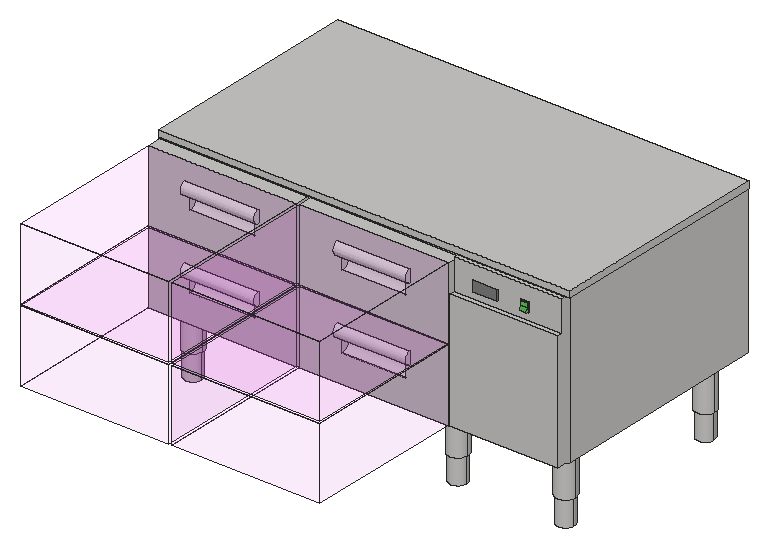
Revit family "QF_ZANUSSI_372295_Z7TTBECOMIN", category Specialty Equipment, Revit 2021 (continued)
Automatic sketch dimensions
  Split face 2 sketch curve to Extrusion 4 = 10 mm
  Split face 2 sketch curve to Split face 2 sketch curve = 11 mm
  Split face 3 sketch curve to Extrusion 4 = 7.047 mm
  Split face 3 sketch curve to Extrusion 4 = 2.047 mm
  Split face 3 sketch curve to Extrusion 4 = 23 mm
  Split face 3 sketch curve to Split face 3 sketch curve = 11 mm
  Split face 4 sketch curve to Extrusion 4 = 7.047 mm
  Split face 4 sketch curve to Extrusion 4 = 2.047 mm
  Split face 4 sketch curve to Extrusion 4 = 34 mm
  Split face 4 sketch curve to Split face 4 sketch curve = 11 mm
  Split face 5 sketch curve to Extrusion 4 = 7.047 mm
  Split face 5 sketch curve to Extrusion 4 = 2.047 mm
  Split face 5 sketch curve to Extrusion 4 = 21 mm
  Split face 5 sketch curve to Extrusion 4 = 10 mm
  Extrusion 5 sketch curve to Extrusion 5 sketch curve = 0 mm  (x3)
  Extrusion 5 sketch curve to Extrusion 3 = 0 mm
  Extrusion 3 to Extrusion 5 sketch curve = 2.279 mm
  Extrusion 5 sketch curve to Extrusion 5 sketch curve = 0.116 mm
  Extrusion 5 sketch curve to Extrusion 5 sketch curve = 12.105 mm
  Extrusion 3 to Extrusion 5 sketch curve = 3.692 mm
  Extrusion 3 to Extrusion 5 sketch curve = 2.395 mm
  Split face 6 sketch curve to Extrusion 2 = 30.5 mm
  Split face 6 sketch curve to Split face 6 sketch curve = 0.02 mm  (x2)
  Split face 6 sketch curve to Split face 6 sketch curve = 31.959 mm
  Split face 6 sketch curve to Extrusion 2 = 118.896 mm
  Split face 6 sketch curve to Split face 6 sketch curve = 4 mm
  Split face 7 sketch curve to Extrusion 2 = 30.5 mm
  Split face 7 sketch curve to Split face 7 sketch curve = 0.02 mm  (x2)
  Split face 7 sketch curve to Split face 7 sketch curve = 31.959 mm
  Split face 7 sketch curve to Extrusion 2 = 106.896 mm
  Split face 7 sketch curve to Split face 7 sketch curve = 4 mm
  Split face 8 sketch curve to Extrusion 2 = 30.5 mm
  Split face 8 sketch curve to Split face 8 sketch curve = 0.02 mm  (x2)
  Split face 8 sketch curve to Split face 8 sketch curve = 31.959 mm
  Split face 8 sketch curve to Extrusion 2 = 94.897 mm
  Split face 8 sketch curve to Split face 8 sketch curve = 4 mm
  Split face 9 sketch curve to Extrusion 2 = 30.5 mm
  Split face 9 sketch curve to Split face 9 sketch curve = 0.02 mm  (x2)
  Split face 9 sketch curve to Split face 9 sketch curve = 31.959 mm
  Split face 9 sketch curve to Extrusion 2 = 82.999 mm
  Split face 9 sketch curve to Split face 9 sketch curve = 4 mm
  Split face 10 sketch curve to Extrusion 2 = 30.5 mm
  Split face 10 sketch curve to Split face 10 sketch curve = 0.02 mm  (x2)
  Split face 10 sketch curve to Split face 10 sketch curve = 31.959 mm
  Split face 10 sketch curve to Extrusion 2 = 71 mm
  Split face 10 sketch curve to Split face 10 sketch curve = 4 mm
  Split face 11 sketch curve to Extrusion 2 = 30.5 mm
  Split face 11 sketch curve to Split face 11 sketch curve = 0.02 mm  (x2)
  Split face 11 sketch curve to Split face 11 sketch curve = 31.959 mm
  Split face 11 sketch curve to Extrusion 2 = 59 mm
  Split face 11 sketch curve to Split face 11 sketch curve = 4 mm
  Split face 12 sketch curve to Extrusion 2 = 30.5 mm
  Split face 12 sketch curve to Split face 12 sketch curve = 0.02 mm  (x2)
  Split face 12 sketch curve to Split face 12 sketch curve = 31.959 mm
  Split face 12 sketch curve to Extrusion 2 = 47 mm
  Split face 12 sketch curve to Split face 12 sketch curve = 4 mm
  Split face 13 sketch curve to Extrusion 2 = 30.5 mm
  Split face 13 sketch curve to Split face 13 sketch curve = 0.02 mm  (x2)
  Split face 13 sketch curve to Split face 13 sketch curve = 31.959 mm
  Split face 13 sketch curve to Extrusion 2 = 35 mm
  Split face 13 sketch curve to Split face 13 sketch curve = 4 mm
  Split face 14 sketch curve to Extrusion 2 = 30.5 mm
  Split face 14 sketch curve to Split face 14 sketch curve = 0.02 mm  (x2)
  Split face 14 sketch curve to Split face 14 sketch curve = 31.959 mm
  Split face 14 sketch curve to Extrusion 2 = 23 mm
  Split face 14 sketch curve to Split face 14 sketch curve = 4 mm
  Split face 15 sketch curve to Extrusion 2 = 30.5 mm
  Split face 15 sketch curve to Split face 15 sketch curve = 0.02 mm  (x2)
  Split face 15 sketch curve to Split face 15 sketch curve = 31.959 mm
  Split face 15 sketch curve to Extrusion 2 = 130.896 mm
  Split face 15 sketch curve to Split face 15 sketch curve = 4 mm
  plane 10 to Extrusion 6 sketch curve = 15 mm
  Extrusion 7 sketch curve to plane 11 = 0 mm
  Extrusion 7 sketch curve to plane 6 "BACK" = 0 mm
  Extrusion 7 sketch curve to plane 14 "TOP" = 0 mm
  plane 14 "TOP" to Extrusion 7 sketch curve = 20 mm
  Extrusion 8 sketch curve to plane 7 "FRONT" = 0 mm  (x3)
  Extrusion 8 sketch curve to plane 14 "TOP" = 90.566 mm
  Extrusion 8 sketch curve to Extrusion 8 sketch curve = 8.275 mm
  Extrusion 9 sketch curve to plane 7 "FRONT" = 0 mm
  Extrusion 9 sketch curve to plane 7 "FRONT" = 2.777 mm
  plane 7 "FRONT" to Extrusion 9 sketch curve = 21.853 mm
  Extrusion 9 sketch curve to plane 11 = 4.5 mm
  plane 15 to Extrusion 9 sketch curve = 86.706 mm
  Extrusion 9 sketch curve to Extrusion 9 sketch curve = 18.821 mm
  Extrusion 10 sketch curve to plane 7 "FRONT" = 0 mm  (x3)
  Extrusion 10 sketch curve to plane 14 "TOP" = 90.566 mm
  Extrusion 10 sketch curve to Extrusion 10 sketch curve = 8.275 mm
  Extrusion 11 sketch curve to plane 7 "FRONT" = 0 mm
  Extrusion 11 sketch curve to plane 7 "FRONT" = 2.777 mm
  plane 7 "FRONT" to Extrusion 11 sketch curve = 21.853 mm
  Extrusion 11 sketch curve to plane 11 = 4.5 mm
  plane 15 to Extrusion 11 sketch curve = 86.706 mm
  Extrusion 11 sketch curve to Extrusion 11 sketch curve = 18.821 mm
  Split face 16 sketch curve to Extrusion 2 = 30.5 mm
  Split face 16 sketch curve to Split face 16 sketch curve = 0.02 mm  (x2)
  Split face 16 sketch curve to Split face 16 sketch curve = 31.959 mm
  Split face 16 sketch curve to Extrusion 2 = 118.208 mm
  Split face 16 sketch curve to Split face 16 sketch curve = 4 mm
  Split face 17 sketch curve to Extrusion 2 = 30.5 mm
  Split face 17 sketch curve to Split face 17 sketch curve = 0.02 mm  (x2)
  Split face 17 sketch curve to Split face 17 sketch curve = 31.959 mm
  Split face 17 sketch curve to Extrusion 2 = 130.208 mm
  Split face 17 sketch curve to Split face 17 sketch curve = 4 mm
  Split face 18 sketch curve to Extrusion 2 = 30.5 mm
  Split face 18 sketch curve to Split face 18 sketch curve = 0.02 mm  (x2)
  Split face 18 sketch curve to Split face 18 sketch curve = 31.959 mm
  Split face 18 sketch curve to Extrusion 2 = 142.208 mm
  Split face 18 sketch curve to Split face 18 sketch curve = 4 mm
  Split face 19 sketch curve to Extrusion 2 = 30.5 mm
  Split face 19 sketch curve to Split face 19 sketch curve = 0.02 mm  (x2)
  Split face 19 sketch curve to Split face 19 sketch curve = 31.959 mm
  Split face 19 sketch curve to Extrusion 2 = 154.896 mm
  Split face 19 sketch curve to Split face 19 sketch curve = 4 mm
  Split face 20 sketch curve to Extrusion 2 = 30.5 mm
  Split face 20 sketch curve to Split face 20 sketch curve = 0.02 mm  (x2)
  Split face 20 sketch curve to Split face 20 sketch curve = 31.959 mm
  Split face 20 sketch curve to Extrusion 2 = 142.896 mm
  Split face 20 sketch curve to Split face 20 sketch curve = 4 mm
  Split face 21 sketch curve to Extrusion 2 = 30.5 mm
  Split face 21 sketch curve to Split face 21 sketch curve = 0.02 mm  (x2)
  Split face 21 sketch curve to Split face 21 sketch curve = 31.959 mm
  Split face 21 sketch curve to Extrusion 2 = 106.208 mm
  Split face 21 sketch curve to Split face 21 sketch curve = 4 mm
  Split face 22 sketch curve to Extrusion 2 = 14.312 mm
  Split face 22 sketch curve to Extrusion 2 = 30.5 mm
  Split face 22 sketch curve to Split face 22 sketch curve = 0.02 mm  (x2)
  Split face 22 sketch curve to Extrusion 2 = 10.312 mm
  Split face 22 sketch curve to Split face 22 sketch curve = 31.959 mm
  Split face 23 sketch curve to Extrusion 2 = 30.5 mm
  Split face 23 sketch curve to Split face 23 sketch curve = 0.02 mm  (x2)
  Split face 23 sketch curve to Split face 23 sketch curve = 31.959 mm
  Split face 23 sketch curve to Extrusion 2 = 22.312 mm
  Split face 23 sketch curve to Split face 23 sketch curve = 4 mm
  Split face 24 sketch curve to Extrusion 2 = 30.5 mm
  Split face 24 sketch curve to Split face 24 sketch curve = 0.02 mm  (x2)
  Split face 24 sketch curve to Split face 24 sketch curve = 31.959 mm
  Split face 24 sketch curve to Extrusion 2 = 34.312 mm
  Split face 24 sketch curve to Split face 24 sketch curve = 4 mm
  Split face 25 sketch curve to Extrusion 2 = 30.5 mm
  Split face 25 sketch curve to Split face 25 sketch curve = 0.02 mm  (x2)
  Split face 25 sketch curve to Split face 25 sketch curve = 31.959 mm
  Split face 25 sketch curve to Extrusion 2 = 46.209 mm
  Split face 25 sketch curve to Split face 25 sketch curve = 4 mm
  Split face 26 sketch curve to Extrusion 2 = 30.5 mm
  Split face 26 sketch curve to Split face 26 sketch curve = 0.02 mm  (x2)
  Split face 26 sketch curve to Split face 26 sketch curve = 31.959 mm
  Split face 26 sketch curve to Extrusion 2 = 58.208 mm
  Split face 26 sketch curve to Split face 26 sketch curve = 4 mm
  Split face 27 sketch curve to Extrusion 2 = 30.5 mm
  Split face 27 sketch curve to Split face 27 sketch curve = 0.02 mm  (x2)
  Split face 27 sketch curve to Split face 27 sketch curve = 31.959 mm
  Split face 27 sketch curve to Extrusion 2 = 70.208 mm
  Split face 27 sketch curve to Split face 27 sketch curve = 4 mm
  Split face 28 sketch curve to Extrusion 2 = 30.5 mm
  Split face 28 sketch curve to Split face 28 sketch curve = 0.02 mm  (x2)
  Split face 28 sketch curve to Split face 28 sketch curve = 31.959 mm
  Split face 28 sketch curve to Extrusion 2 = 82.208 mm
  Split face 28 sketch curve to Split face 28 sketch curve = 4 mm
  Split face 29 sketch curve to Extrusion 2 = 30.5 mm
  Split face 29 sketch curve to Split face 29 sketch curve = 0.02 mm  (x2)
  Split face 29 sketch curve to Split face 29 sketch curve = 31.959 mm
  Split face 29 sketch curve to Extrusion 2 = 94.208 mm
  Split face 29 sketch curve to Split face 29 sketch curve = 4 mm
  Split face 30 sketch curve to Extrusion 2 = 85.5 mm
  Split face 30 sketch curve to Split face 30 sketch curve = 0.02 mm  (x2)
  Split face 30 sketch curve to Split face 30 sketch curve = 31.959 mm
  Split face 30 sketch curve to Extrusion 2 = 118.896 mm
  Split face 30 sketch curve to Split face 30 sketch curve = 4 mm
  Split face 31 sketch curve to Extrusion 2 = 85.5 mm
  Split face 31 sketch curve to Split face 31 sketch curve = 0.02 mm  (x2)
  Split face 31 sketch curve to Split face 31 sketch curve = 31.959 mm
  Split face 31 sketch curve to Extrusion 2 = 106.896 mm
  Split face 31 sketch curve to Split face 31 sketch curve = 4 mm
  Split face 32 sketch curve to Extrusion 2 = 85.5 mm
  Split face 32 sketch curve to Split face 32 sketch curve = 0.02 mm  (x2)
  Split face 32 sketch curve to Split face 32 sketch curve = 31.959 mm
  Split face 32 sketch curve to Extrusion 2 = 94.897 mm
  Split face 32 sketch curve to Split face 32 sketch curve = 4 mm
  Split face 33 sketch curve to Extrusion 2 = 85.5 mm
  Split face 33 sketch curve to Split face 33 sketch curve = 0.02 mm  (x2)
  Split face 33 sketch curve to Split face 33 sketch curve = 31.959 mm
  Split face 33 sketch curve to Extrusion 2 = 82.999 mm
  Split face 33 sketch curve to Split face 33 sketch curve = 4 mm
  Split face 34 sketch curve to Extrusion 2 = 85.5 mm
  Split face 34 sketch curve to Split face 34 sketch curve = 0.02 mm  (x2)
  Split face 34 sketch curve to Split face 34 sketch curve = 31.959 mm
  Split face 34 sketch curve to Extrusion 2 = 71 mm
  Split face 34 sketch curve to Split face 34 sketch curve = 4 mm
  Split face 35 sketch curve to Extrusion 2 = 85.5 mm
  Split face 35 sketch curve to Split face 35 sketch curve = 0.02 mm  (x2)
  Split face 35 sketch curve to Split face 35 sketch curve = 31.959 mm
  Split face 35 sketch curve to Extrusion 2 = 59 mm
  Split face 35 sketch curve to Split face 35 sketch curve = 4 mm
  Split face 36 sketch curve to Extrusion 2 = 85.5 mm
  Split face 36 sketch curve to Split face 36 sketch curve = 0.02 mm  (x2)
  Split face 36 sketch curve to Split face 36 sketch curve = 31.959 mm
  Split face 36 sketch curve to Extrusion 2 = 47 mm
  Split face 36 sketch curve to Split face 36 sketch curve = 4 mm
  Split face 37 sketch curve to Extrusion 2 = 31 mm
  Split face 37 sketch curve to Extrusion 2 = 85.5 mm
  Split face 37 sketch curve to Split face 37 sketch curve = 0.02 mm  (x2)
  Split face 37 sketch curve to Split face 37 sketch curve = 31.959 mm
  Split face 37 sketch curve to Split face 37 sketch curve = 4 mm
  Split face 38 sketch curve to Extrusion 2 = 19 mm
  Split face 38 sketch curve to Extrusion 2 = 85.5 mm
  Split face 38 sketch curve to Split face 38 sketch curve = 0.02 mm  (x2)
  Split face 38 sketch curve to Split face 38 sketch curve = 31.959 mm
  Split face 38 sketch curve to Split face 38 sketch curve = 4 mm
  Split face 39 sketch curve to Extrusion 2 = 85.5 mm
  Split face 39 sketch curve to Split face 39 sketch curve = 0.02 mm  (x2)
  Split face 39 sketch curve to Split face 39 sketch curve = 31.959 mm
  Split face 39 sketch curve to Extrusion 2 = 130.896 mm
  Split face 39 sketch curve to Split face 39 sketch curve = 4 mm
  Split face 40 sketch curve to Extrusion 2 = 85.5 mm
  Split face 40 sketch curve to Split face 40 sketch curve = 0.02 mm  (x2)
  Split face 40 sketch curve to Split face 40 sketch curve = 31.959 mm
  Split face 40 sketch curve to Extrusion 2 = 118.208 mm
  Split face 40 sketch curve to Split face 40 sketch curve = 4 mm
  Split face 41 sketch curve to Extrusion 2 = 85.5 mm
  Split face 41 sketch curve to Split face 41 sketch curve = 0.02 mm  (x2)
  Split face 41 sketch curve to Split face 41 sketch curve = 31.959 mm
  Split face 41 sketch curve to Extrusion 2 = 130.208 mm
  Split face 41 sketch curve to Split face 41 sketch curve = 4 mm
  Split face 42 sketch curve to Extrusion 2 = 85.5 mm
  Split face 42 sketch curve to Split face 42 sketch curve = 0.02 mm  (x2)
  Split face 42 sketch curve to Split face 42 sketch curve = 31.959 mm
  Split face 42 sketch curve to Extrusion 2 = 142.208 mm
  Split face 42 sketch curve to Split face 42 sketch curve = 4 mm
  Split face 43 sketch curve to Extrusion 2 = 85.5 mm
  Split face 43 sketch curve to Split face 43 sketch curve = 0.02 mm  (x2)
  Split face 43 sketch curve to Split face 43 sketch curve = 31.959 mm
  Split face 43 sketch curve to Extrusion 2 = 154.896 mm
  Split face 43 sketch curve to Split face 43 sketch curve = 4 mm
  Split face 44 sketch curve to Extrusion 2 = 85.5 mm
  Split face 44 sketch curve to Split face 44 sketch curve = 0.02 mm  (x2)
  Split face 44 sketch curve to Split face 44 sketch curve = 31.959 mm
  Split face 44 sketch curve to Extrusion 2 = 142.896 mm
  Split face 44 sketch curve to Split face 44 sketch curve = 4 mm
  Split face 45 sketch curve to Extrusion 2 = 85.5 mm
  Split face 45 sketch curve to Split face 45 sketch curve = 0.02 mm  (x2)
  Split face 45 sketch curve to Split face 45 sketch curve = 31.959 mm
  Split face 45 sketch curve to Extrusion 2 = 106.208 mm
  Split face 45 sketch curve to Split face 45 sketch curve = 4 mm
  Split face 46 sketch curve to Extrusion 2 = 14.312 mm
  Split face 46 sketch curve to Extrusion 2 = 85.5 mm
  Split face 46 sketch curve to Split face 46 sketch curve = 0.02 mm  (x2)
  Split face 46 sketch curve to Extrusion 2 = 10.312 mm
  Split face 46 sketch curve to Split face 46 sketch curve = 31.959 mm
  Split face 47 sketch curve to Extrusion 2 = 26.312 mm
  Split face 47 sketch curve to Extrusion 2 = 85.5 mm
  Split face 47 sketch curve to Split face 47 sketch curve = 0.02 mm  (x2)
  Split face 47 sketch curve to Split face 47 sketch curve = 31.959 mm
  Split face 47 sketch curve to Split face 47 sketch curve = 4 mm
  Split face 48 sketch curve to Extrusion 2 = 38.311 mm
  Split face 48 sketch curve to Extrusion 2 = 85.5 mm
  Split face 48 sketch curve to Split face 48 sketch curve = 0.02 mm  (x2)
  Split face 48 sketch curve to Split face 48 sketch curve = 31.959 mm
  Split face 48 sketch curve to Split face 48 sketch curve = 4 mm
  Split face 49 sketch curve to Extrusion 2 = 85.5 mm
  Split face 49 sketch curve to Split face 49 sketch curve = 0.02 mm  (x2)
  Split face 49 sketch curve to Split face 49 sketch curve = 31.959 mm
  Split face 49 sketch curve to Extrusion 2 = 46.209 mm
  Split face 49 sketch curve to Split face 49 sketch curve = 4 mm
  Split face 50 sketch curve to Extrusion 2 = 85.5 mm
  Split face 50 sketch curve to Split face 50 sketch curve = 0.02 mm  (x2)
  Split face 50 sketch curve to Split face 50 sketch curve = 31.959 mm
  Split face 50 sketch curve to Extrusion 2 = 58.208 mm
  Split face 50 sketch curve to Split face 50 sketch curve = 4 mm
  Split face 51 sketch curve to Extrusion 2 = 85.5 mm
  Split face 51 sketch curve to Split face 51 sketch curve = 0.02 mm  (x2)
  Split face 51 sketch curve to Split face 51 sketch curve = 31.959 mm
  Split face 51 sketch curve to Extrusion 2 = 70.208 mm
  Split face 51 sketch curve to Split face 51 sketch curve = 4 mm
  Split face 52 sketch curve to Extrusion 2 = 85.5 mm
  Split face 52 sketch curve to Split face 52 sketch curve = 0.02 mm  (x2)
  Split face 52 sketch curve to Split face 52 sketch curve = 31.959 mm
  Split face 52 sketch curve to Extrusion 2 = 82.208 mm
  Split face 52 sketch curve to Split face 52 sketch curve = 4 mm
  Split face 53 sketch curve to Extrusion 2 = 85.5 mm
  Split face 53 sketch curve to Split face 53 sketch curve = 0.02 mm  (x2)
  Split face 53 sketch curve to Split face 53 sketch curve = 31.959 mm
  Split face 53 sketch curve to Extrusion 2 = 94.208 mm
  Split face 53 sketch curve to Split face 53 sketch curve = 4 mm
  Split face 54 sketch curve to Extrusion 2 = 140.5 mm
  Split face 54 sketch curve to Split face 54 sketch curve = 0.02 mm  (x2)
  Split face 54 sketch curve to Split face 54 sketch curve = 31.959 mm
  Split face 54 sketch curve to Extrusion 2 = 118.896 mm
  Split face 54 sketch curve to Split face 54 sketch curve = 4 mm
  Split face 55 sketch curve to Extrusion 2 = 140.5 mm
  Split face 55 sketch curve to Split face 55 sketch curve = 0.02 mm  (x2)
  Split face 55 sketch curve to Split face 55 sketch curve = 31.959 mm
  Split face 55 sketch curve to Extrusion 2 = 106.896 mm
  Split face 55 sketch curve to Split face 55 sketch curve = 4 mm
  Split face 56 sketch curve to Extrusion 2 = 140.5 mm
  Split face 56 sketch curve to Split face 56 sketch curve = 0.02 mm  (x2)
  Split face 56 sketch curve to Split face 56 sketch curve = 31.959 mm
  Split face 56 sketch curve to Extrusion 2 = 94.897 mm
  Split face 56 sketch curve to Split face 56 sketch curve = 4 mm
  Split face 57 sketch curve to Extrusion 2 = 140.5 mm
  Split face 57 sketch curve to Split face 57 sketch curve = 0.02 mm  (x2)
  Split face 57 sketch curve to Split face 57 sketch curve = 31.959 mm
  Split face 57 sketch curve to Extrusion 2 = 82.999 mm
  Split face 57 sketch curve to Split face 57 sketch curve = 4 mm
  Split face 58 sketch curve to Extrusion 2 = 67 mm
  Split face 58 sketch curve to Extrusion 2 = 140.5 mm
  Split face 58 sketch curve to Split face 58 sketch curve = 0.02 mm  (x2)
  Split face 58 sketch curve to Split face 58 sketch curve = 31.959 mm
  Split face 58 sketch curve to Split face 58 sketch curve = 4 mm
  Split face 59 sketch curve to Extrusion 2 = 55 mm
  Split face 59 sketch curve to Extrusion 2 = 140.5 mm
  Split face 59 sketch curve to Split face 59 sketch curve = 0.02 mm  (x2)
  Split face 59 sketch curve to Split face 59 sketch curve = 31.959 mm
  Split face 59 sketch curve to Split face 59 sketch curve = 4 mm
  Split face 60 sketch curve to Extrusion 2 = 43 mm
  Split face 60 sketch curve to Extrusion 2 = 140.5 mm
  Split face 60 sketch curve to Split face 60 sketch curve = 0.02 mm  (x2)
  Split face 60 sketch curve to Split face 60 sketch curve = 31.959 mm
  Split face 60 sketch curve to Split face 60 sketch curve = 4 mm
  Split face 61 sketch curve to Extrusion 2 = 31 mm
  Split face 61 sketch curve to Extrusion 2 = 140.5 mm
  Split face 61 sketch curve to Split face 61 sketch curve = 0.02 mm  (x2)
  Split face 61 sketch curve to Split face 61 sketch curve = 31.959 mm
  Split face 61 sketch curve to Split face 61 sketch curve = 4 mm
  Split face 62 sketch curve to Extrusion 2 = 19 mm
  Split face 62 sketch curve to Extrusion 2 = 140.5 mm
  Split face 62 sketch curve to Split face 62 sketch curve = 0.02 mm  (x2)
  Split face 62 sketch curve to Split face 62 sketch curve = 31.959 mm
  Split face 62 sketch curve to Split face 62 sketch curve = 4 mm
  Split face 63 sketch curve to Extrusion 2 = 140.5 mm
  Split face 63 sketch curve to Split face 63 sketch curve = 0.02 mm  (x2)
  Split face 63 sketch curve to Split face 63 sketch curve = 31.959 mm
  Split face 63 sketch curve to Extrusion 2 = 130.896 mm
  Split face 63 sketch curve to Split face 63 sketch curve = 4 mm
  Split face 64 sketch curve to Extrusion 2 = 140.5 mm
  Split face 64 sketch curve to Split face 64 sketch curve = 0.02 mm  (x2)
  Split face 64 sketch curve to Split face 64 sketch curve = 31.959 mm
  Split face 64 sketch curve to Extrusion 2 = 118.208 mm
  Split face 64 sketch curve to Split face 64 sketch curve = 4 mm
  Split face 65 sketch curve to Extrusion 2 = 140.5 mm
  Split face 65 sketch curve to Split face 65 sketch curve = 0.02 mm  (x2)
  Split face 65 sketch curve to Split face 65 sketch curve = 31.959 mm
  Split face 65 sketch curve to Extrusion 2 = 130.208 mm
  Split face 65 sketch curve to Split face 65 sketch curve = 4 mm
  Split face 66 sketch curve to Extrusion 2 = 140.5 mm
  Split face 66 sketch curve to Split face 66 sketch curve = 0.02 mm  (x2)
  Split face 66 sketch curve to Split face 66 sketch curve = 31.959 mm
  Split face 66 sketch curve to Extrusion 2 = 142.208 mm
  Split face 66 sketch curve to Split face 66 sketch curve = 4 mm
  Split face 67 sketch curve to Extrusion 2 = 140.5 mm
  Split face 67 sketch curve to Split face 67 sketch curve = 0.02 mm  (x2)
  Split face 67 sketch curve to Split face 67 sketch curve = 31.959 mm
  Split face 67 sketch curve to Extrusion 2 = 154.896 mm
  Split face 67 sketch curve to Split face 67 sketch curve = 4 mm
  Split face 68 sketch curve to Extrusion 2 = 140.5 mm
  Split face 68 sketch curve to Split face 68 sketch curve = 0.02 mm  (x2)
  Split face 68 sketch curve to Split face 68 sketch curve = 31.959 mm
  Split face 68 sketch curve to Extrusion 2 = 142.896 mm
  Split face 68 sketch curve to Split face 68 sketch curve = 4 mm
  Split face 69 sketch curve to Extrusion 2 = 140.5 mm
  Split face 69 sketch curve to Split face 69 sketch curve = 0.02 mm  (x2)
  Split face 69 sketch curve to Split face 69 sketch curve = 31.959 mm
  Split face 69 sketch curve to Extrusion 2 = 106.208 mm
  Split face 69 sketch curve to Split face 69 sketch curve = 4 mm
  Split face 70 sketch curve to Extrusion 2 = 14.312 mm
  Split face 70 sketch curve to Extrusion 2 = 140.5 mm
  Split face 70 sketch curve to Split face 70 sketch curve = 0.02 mm  (x2)
  Split face 70 sketch curve to Extrusion 2 = 10.312 mm
  Split face 70 sketch curve to Split face 70 sketch curve = 31.959 mm
  Split face 71 sketch curve to Extrusion 2 = 26.312 mm
  Split face 71 sketch curve to Extrusion 2 = 140.5 mm
  Split face 71 sketch curve to Split face 71 sketch curve = 0.02 mm  (x2)
  Split face 71 sketch curve to Split face 71 sketch curve = 31.959 mm
  Split face 71 sketch curve to Split face 71 sketch curve = 4 mm
  Split face 72 sketch curve to Extrusion 2 = 38.311 mm
  Split face 72 sketch curve to Extrusion 2 = 140.5 mm
  Split face 72 sketch curve to Split face 72 sketch curve = 0.02 mm  (x2)
  Split face 72 sketch curve to Split face 72 sketch curve = 31.959 mm
  Split face 72 sketch curve to Split face 72 sketch curve = 4 mm
  Split face 73 sketch curve to Extrusion 2 = 50.209 mm
  Split face 73 sketch curve to Extrusion 2 = 140.5 mm
  Split face 73 sketch curve to Split face 73 sketch curve = 0.02 mm  (x2)
  Split face 73 sketch curve to Split face 73 sketch curve = 31.959 mm
  Split face 73 sketch curve to Split face 73 sketch curve = 4 mm
  Split face 74 sketch curve to Extrusion 2 = 62.208 mm
  Split face 74 sketch curve to Extrusion 2 = 140.5 mm
  Split face 74 sketch curve to Split face 74 sketch curve = 0.02 mm  (x2)
  Split face 74 sketch curve to Split face 74 sketch curve = 31.959 mm
  Split face 74 sketch curve to Split face 74 sketch curve = 4 mm
  Split face 75 sketch curve to Extrusion 2 = 140.5 mm
  Split face 75 sketch curve to Split face 75 sketch curve = 0.02 mm  (x2)
  Split face 75 sketch curve to Split face 75 sketch curve = 31.959 mm
  Split face 75 sketch curve to Extrusion 2 = 70.208 mm
  Split face 75 sketch curve to Split face 75 sketch curve = 4 mm
  Split face 76 sketch curve to Extrusion 2 = 140.5 mm
  Split face 76 sketch curve to Split face 76 sketch curve = 0.02 mm  (x2)
  Split face 76 sketch curve to Split face 76 sketch curve = 31.959 mm
  Split face 76 sketch curve to Extrusion 2 = 82.208 mm
  Split face 76 sketch curve to Split face 76 sketch curve = 4 mm
  Split face 77 sketch curve to Extrusion 2 = 140.5 mm
  Split face 77 sketch curve to Split face 77 sketch curve = 0.02 mm  (x2)
  Split face 77 sketch curve to Split face 77 sketch curve = 31.959 mm
  Split face 77 sketch curve to Extrusion 2 = 94.208 mm
  Split face 77 sketch curve to Split face 77 sketch curve = 4 mm
  Split face 78 sketch curve to Extrusion 2 = 117.5 mm
  Split face 78 sketch curve to Split face 78 sketch curve = 0.02 mm  (x2)
  Split face 78 sketch curve to Split face 78 sketch curve = 31.959 mm
  Split face 78 sketch curve to Extrusion 2 = 118.896 mm
  Split face 78 sketch curve to Split face 78 sketch curve = 4 mm
  Split face 79 sketch curve to Extrusion 2 = 117.5 mm
  Split face 79 sketch curve to Split face 79 sketch curve = 0.02 mm  (x2)
  Split face 79 sketch curve to Split face 79 sketch curve = 31.959 mm
  Split face 79 sketch curve to Extrusion 2 = 106.896 mm
  Split face 79 sketch curve to Split face 79 sketch curve = 4 mm
  Split face 80 sketch curve to Extrusion 2 = 117.5 mm
  Split face 80 sketch curve to Split face 80 sketch curve = 0.02 mm  (x2)
  Split face 80 sketch curve to Split face 80 sketch curve = 31.959 mm
  Split face 80 sketch curve to Extrusion 2 = 94.897 mm
  Split face 80 sketch curve to Split face 80 sketch curve = 4 mm
  Split face 81 sketch curve to Extrusion 2 = 117.5 mm
  Split face 81 sketch curve to Split face 81 sketch curve = 0.02 mm  (x2)
  Split face 81 sketch curve to Split face 81 sketch curve = 31.959 mm
  Split face 81 sketch curve to Extrusion 2 = 82.999 mm
  Split face 81 sketch curve to Split face 81 sketch curve = 4 mm
  Split face 82 sketch curve to Extrusion 2 = 117.5 mm
  Split face 82 sketch curve to Split face 82 sketch curve = 0.02 mm  (x2)
  Split face 82 sketch curve to Split face 82 sketch curve = 31.959 mm
  Split face 82 sketch curve to Extrusion 2 = 71 mm
  Split face 82 sketch curve to Split face 82 sketch curve = 4 mm
  Split face 83 sketch curve to Extrusion 2 = 55 mm
  Split face 83 sketch curve to Extrusion 2 = 117.5 mm
  Split face 83 sketch curve to Split face 83 sketch curve = 0.02 mm  (x2)
  Split face 83 sketch curve to Split face 83 sketch curve = 31.959 mm
  Split face 83 sketch curve to Split face 83 sketch curve = 4 mm
  Split face 84 sketch curve to Extrusion 2 = 43 mm
  Split face 84 sketch curve to Extrusion 2 = 117.5 mm
  Split face 84 sketch curve to Split face 84 sketch curve = 0.02 mm  (x2)
  Split face 84 sketch curve to Split face 84 sketch curve = 31.959 mm
  Split face 84 sketch curve to Split face 84 sketch curve = 4 mm
  Split face 85 sketch curve to Extrusion 2 = 31 mm
  Split face 85 sketch curve to Extrusion 2 = 117.5 mm
  Split face 85 sketch curve to Split face 85 sketch curve = 0.02 mm  (x2)
  Split face 85 sketch curve to Split face 85 sketch curve = 31.959 mm
  Split face 85 sketch curve to Split face 85 sketch curve = 4 mm
  Split face 86 sketch curve to Extrusion 2 = 19 mm
  Split face 86 sketch curve to Extrusion 2 = 117.5 mm
  Split face 86 sketch curve to Split face 86 sketch curve = 0.02 mm  (x2)
  Split face 86 sketch curve to Split face 86 sketch curve = 31.959 mm
  Split face 86 sketch curve to Split face 86 sketch curve = 4 mm
  Split face 87 sketch curve to Extrusion 2 = 117.5 mm
  Split face 87 sketch curve to Split face 87 sketch curve = 0.02 mm  (x2)
  Split face 87 sketch curve to Split face 87 sketch curve = 31.959 mm
  Split face 87 sketch curve to Extrusion 2 = 130.896 mm
  Split face 87 sketch curve to Split face 87 sketch curve = 4 mm
  Split face 88 sketch curve to Extrusion 2 = 117.5 mm
  Split face 88 sketch curve to Split face 88 sketch curve = 0.02 mm  (x2)
  Split face 88 sketch curve to Split face 88 sketch curve = 31.959 mm
  Split face 88 sketch curve to Extrusion 2 = 118.208 mm
  Split face 88 sketch curve to Split face 88 sketch curve = 4 mm
  Split face 89 sketch curve to Extrusion 2 = 117.5 mm
  Split face 89 sketch curve to Split face 89 sketch curve = 0.02 mm  (x2)
  Split face 89 sketch curve to Split face 89 sketch curve = 31.959 mm
  Split face 89 sketch curve to Extrusion 2 = 130.208 mm
  Split face 89 sketch curve to Split face 89 sketch curve = 4 mm
  Split face 90 sketch curve to Extrusion 2 = 117.5 mm
  Split face 90 sketch curve to Split face 90 sketch curve = 0.02 mm  (x2)
  Split face 90 sketch curve to Split face 90 sketch curve = 31.959 mm
  Split face 90 sketch curve to Extrusion 2 = 142.208 mm
  Split face 90 sketch curve to Split face 90 sketch curve = 4 mm
  Split face 91 sketch curve to Extrusion 2 = 117.5 mm
  Split face 91 sketch curve to Split face 91 sketch curve = 0.02 mm  (x2)
  Split face 91 sketch curve to Split face 91 sketch curve = 31.959 mm
  Split face 91 sketch curve to Extrusion 2 = 154.896 mm
  Split face 91 sketch curve to Split face 91 sketch curve = 4 mm
  Split face 92 sketch curve to Extrusion 2 = 117.5 mm
  Split face 92 sketch curve to Split face 92 sketch curve = 0.02 mm  (x2)
  Split face 92 sketch curve to Split face 92 sketch curve = 31.959 mm
  Split face 92 sketch curve to Extrusion 2 = 142.896 mm
  Split face 92 sketch curve to Split face 92 sketch curve = 4 mm
  Split face 93 sketch curve to Extrusion 2 = 117.5 mm
  Split face 93 sketch curve to Split face 93 sketch curve = 0.02 mm  (x2)
  Split face 93 sketch curve to Split face 93 sketch curve = 31.959 mm
  Split face 93 sketch curve to Extrusion 2 = 106.208 mm
  Split face 93 sketch curve to Split face 93 sketch curve = 4 mm
  Split face 94 sketch curve to Extrusion 2 = 14.312 mm
  Split face 94 sketch curve to Extrusion 2 = 117.5 mm
  Split face 94 sketch curve to Split face 94 sketch curve = 0.02 mm  (x2)
  Split face 94 sketch curve to Extrusion 2 = 10.312 mm
  Split face 94 sketch curve to Split face 94 sketch curve = 31.959 mm
  Split face 95 sketch curve to Extrusion 2 = 26.312 mm
  Split face 95 sketch curve to Extrusion 2 = 117.5 mm
  Split face 95 sketch curve to Split face 95 sketch curve = 0.02 mm  (x2)
  Split face 95 sketch curve to Split face 95 sketch curve = 31.959 mm
  Split face 95 sketch curve to Split face 95 sketch curve = 4 mm
  Split face 96 sketch curve to Extrusion 2 = 38.311 mm
  Split face 96 sketch curve to Extrusion 2 = 117.5 mm
  Split face 96 sketch curve to Split face 96 sketch curve = 0.02 mm  (x2)
  Split face 96 sketch curve to Split face 96 sketch curve = 31.959 mm
  Split face 96 sketch curve to Split face 96 sketch curve = 4 mm
  Split face 97 sketch curve to Extrusion 2 = 50.209 mm
  Split face 97 sketch curve to Extrusion 2 = 117.5 mm
  Split face 97 sketch curve to Split face 97 sketch curve = 0.02 mm  (x2)
  Split face 97 sketch curve to Split face 97 sketch curve = 31.959 mm
  Split face 97 sketch curve to Split face 97 sketch curve = 4 mm
  Split face 98 sketch curve to Extrusion 2 = 117.5 mm
  Split face 98 sketch curve to Split face 98 sketch curve = 0.02 mm  (x2)
  Split face 98 sketch curve to Split face 98 sketch curve = 31.959 mm
  Split face 98 sketch curve to Extrusion 2 = 58.208 mm
  Split face 98 sketch curve to Split face 98 sketch curve = 4 mm
  Split face 99 sketch curve to Extrusion 2 = 117.5 mm
  Split face 99 sketch curve to Split face 99 sketch curve = 0.02 mm  (x2)
  Split face 99 sketch curve to Split face 99 sketch curve = 31.959 mm
  Split face 99 sketch curve to Extrusion 2 = 70.208 mm
  Split face 99 sketch curve to Split face 99 sketch curve = 4 mm
  Split face 100 sketch curve to Extrusion 2 = 117.5 mm
  Split face 100 sketch curve to Split face 100 sketch curve = 0.02 mm  (x2)
  Split face 100 sketch curve to Split face 100 sketch curve = 31.959 mm
  Split face 100 sketch curve to Extrusion 2 = 82.208 mm
  Split face 100 sketch curve to Split face 100 sketch curve = 4 mm
  Split face 101 sketch curve to Extrusion 2 = 117.5 mm
  Split face 101 sketch curve to Split face 101 sketch curve = 0.02 mm  (x2)
  Split face 101 sketch curve to Split face 101 sketch curve = 31.959 mm
  Split face 101 sketch curve to Extrusion 2 = 94.208 mm
  Split face 101 sketch curve to Split face 101 sketch curve = 4 mm
  Split face 102 sketch curve to Extrusion 2 = 62.5 mm
  Split face 102 sketch curve to Split face 102 sketch curve = 0.02 mm  (x2)
  Split face 102 sketch curve to Extrusion 2 = 30.521 mm
  Split face 102 sketch curve to Extrusion 2 = 118.896 mm
  Split face 102 sketch curve to Split face 102 sketch curve = 4 mm
  Split face 103 sketch curve to Extrusion 2 = 62.5 mm
  Split face 103 sketch curve to Split face 103 sketch curve = 0.02 mm  (x2)
  Split face 103 sketch curve to Extrusion 2 = 30.521 mm
  Split face 103 sketch curve to Extrusion 2 = 106.896 mm
  Split face 103 sketch curve to Split face 103 sketch curve = 4 mm
  Split face 104 sketch curve to Extrusion 2 = 62.5 mm
  Split face 104 sketch curve to Split face 104 sketch curve = 0.02 mm  (x2)
  Split face 104 sketch curve to Extrusion 2 = 30.521 mm
  Split face 104 sketch curve to Extrusion 2 = 94.897 mm
  Split face 104 sketch curve to Split face 104 sketch curve = 4 mm
  Split face 105 sketch curve to Extrusion 2 = 62.5 mm
  Split face 105 sketch curve to Split face 105 sketch curve = 0.02 mm  (x2)
  Split face 105 sketch curve to Extrusion 2 = 30.521 mm
  Split face 105 sketch curve to Extrusion 2 = 82.999 mm
  Split face 105 sketch curve to Split face 105 sketch curve = 4 mm
  Split face 106 sketch curve to Extrusion 2 = 62.5 mm
  Split face 106 sketch curve to Split face 106 sketch curve = 0.02 mm  (x2)
  Split face 106 sketch curve to Extrusion 2 = 30.521 mm
  Split face 106 sketch curve to Extrusion 2 = 71 mm
  Split face 106 sketch curve to Split face 106 sketch curve = 4 mm
  Split face 107 sketch curve to Extrusion 2 = 62.5 mm
  Split face 107 sketch curve to Split face 107 sketch curve = 0.02 mm  (x2)
  Split face 107 sketch curve to Extrusion 2 = 30.521 mm
  Split face 107 sketch curve to Extrusion 2 = 59 mm
  Split face 107 sketch curve to Split face 107 sketch curve = 4 mm
  Split face 108 sketch curve to Extrusion 2 = 62.5 mm
  Split face 108 sketch curve to Split face 108 sketch curve = 0.02 mm  (x2)
  Split face 108 sketch curve to Extrusion 2 = 30.521 mm
  Split face 108 sketch curve to Extrusion 2 = 47 mm
  Split face 108 sketch curve to Split face 108 sketch curve = 4 mm
  Split face 109 sketch curve to Extrusion 2 = 31 mm
  Split face 109 sketch curve to Extrusion 2 = 62.5 mm
  Split face 109 sketch curve to Split face 109 sketch curve = 0.02 mm  (x2)
  Split face 109 sketch curve to Extrusion 2 = 30.521 mm
  Split face 109 sketch curve to Split face 109 sketch curve = 4 mm
  Split face 110 sketch curve to Extrusion 2 = 19 mm
  Split face 110 sketch curve to Extrusion 2 = 62.5 mm
  Split face 110 sketch curve to Split face 110 sketch curve = 0.02 mm  (x2)
  Split face 110 sketch curve to Extrusion 2 = 30.521 mm
  Split face 110 sketch curve to Split face 110 sketch curve = 4 mm
  Split face 111 sketch curve to Extrusion 2 = 62.5 mm
  Split face 111 sketch curve to Split face 111 sketch curve = 0.02 mm  (x2)
  Split face 111 sketch curve to Extrusion 2 = 30.521 mm
  Split face 111 sketch curve to Extrusion 2 = 130.896 mm
  Split face 111 sketch curve to Split face 111 sketch curve = 4 mm
  Split face 112 sketch curve to Extrusion 2 = 62.5 mm
  Split face 112 sketch curve to Split face 112 sketch curve = 0.02 mm  (x2)
  Split face 112 sketch curve to Extrusion 2 = 30.521 mm
  Split face 112 sketch curve to Extrusion 2 = 118.208 mm
  Split face 112 sketch curve to Split face 112 sketch curve = 4 mm
  Split face 113 sketch curve to Extrusion 2 = 62.5 mm
  Split face 113 sketch curve to Split face 113 sketch curve = 0.02 mm  (x2)
  Split face 113 sketch curve to Extrusion 2 = 30.521 mm
  Split face 113 sketch curve to Extrusion 2 = 130.208 mm
  Split face 113 sketch curve to Split face 113 sketch curve = 4 mm
  Split face 114 sketch curve to Extrusion 2 = 62.5 mm
  Split face 114 sketch curve to Split face 114 sketch curve = 0.02 mm  (x2)
  Split face 114 sketch curve to Extrusion 2 = 30.521 mm
  Split face 114 sketch curve to Extrusion 2 = 142.208 mm
  Split face 114 sketch curve to Split face 114 sketch curve = 4 mm
  Split face 115 sketch curve to Extrusion 2 = 62.5 mm
  Split face 115 sketch curve to Split face 115 sketch curve = 0.02 mm  (x2)
  Split face 115 sketch curve to Extrusion 2 = 30.521 mm
  Split face 115 sketch curve to Extrusion 2 = 154.896 mm
  Split face 115 sketch curve to Split face 115 sketch curve = 4 mm
  Split face 116 sketch curve to Extrusion 2 = 62.5 mm
  Split face 116 sketch curve to Split face 116 sketch curve = 0.02 mm  (x2)
  Split face 116 sketch curve to Extrusion 2 = 30.521 mm
  Split face 116 sketch curve to Extrusion 2 = 142.896 mm
  Split face 116 sketch curve to Split face 116 sketch curve = 4 mm
  Split face 117 sketch curve to Extrusion 2 = 62.5 mm
  Split face 117 sketch curve to Split face 117 sketch curve = 0.02 mm  (x2)
  Split face 117 sketch curve to Extrusion 2 = 30.521 mm
  Split face 117 sketch curve to Extrusion 2 = 106.208 mm
  Split face 117 sketch curve to Split face 117 sketch curve = 4 mm
  Split face 118 sketch curve to Extrusion 2 = 14.312 mm
  Split face 118 sketch curve to Extrusion 2 = 62.5 mm
  Split face 118 sketch curve to Split face 118 sketch curve = 0.02 mm  (x2)
  Split face 118 sketch curve to Extrusion 2 = 30.521 mm
  Split face 118 sketch curve to Split face 118 sketch curve = 4 mm
  Split face 119 sketch curve to Extrusion 2 = 26.312 mm
  Split face 119 sketch curve to Extrusion 2 = 62.5 mm
  Split face 119 sketch curve to Split face 119 sketch curve = 0.02 mm  (x2)
  Split face 119 sketch curve to Extrusion 2 = 30.521 mm
  Split face 119 sketch curve to Split face 119 sketch curve = 4 mm
  Split face 120 sketch curve to Extrusion 2 = 62.5 mm
  Split face 120 sketch curve to Split face 120 sketch curve = 0.02 mm  (x2)
  Split face 120 sketch curve to Extrusion 2 = 30.521 mm
  Split face 120 sketch curve to Extrusion 2 = 34.312 mm
  Split face 120 sketch curve to Split face 120 sketch curve = 4 mm
  Split face 121 sketch curve to Extrusion 2 = 62.5 mm
  Split face 121 sketch curve to Split face 121 sketch curve = 0.02 mm  (x2)
  Split face 121 sketch curve to Extrusion 2 = 30.521 mm
  Split face 121 sketch curve to Extrusion 2 = 46.209 mm
  Split face 121 sketch curve to Split face 121 sketch curve = 4 mm
  Split face 122 sketch curve to Extrusion 2 = 62.5 mm
  Split face 122 sketch curve to Split face 122 sketch curve = 0.02 mm  (x2)
  Split face 122 sketch curve to Extrusion 2 = 30.521 mm
  Split face 122 sketch curve to Extrusion 2 = 58.208 mm
  Split face 122 sketch curve to Split face 122 sketch curve = 4 mm
  Split face 123 sketch curve to Extrusion 2 = 62.5 mm
  Split face 123 sketch curve to Split face 123 sketch curve = 0.02 mm  (x2)
  Split face 123 sketch curve to Extrusion 2 = 30.521 mm
  Split face 123 sketch curve to Extrusion 2 = 70.208 mm
  Split face 123 sketch curve to Split face 123 sketch curve = 4 mm
  Split face 124 sketch curve to Extrusion 2 = 62.5 mm
  Split face 124 sketch curve to Split face 124 sketch curve = 0.02 mm  (x2)
  Split face 124 sketch curve to Extrusion 2 = 30.521 mm
  Split face 124 sketch curve to Extrusion 2 = 82.208 mm
  Split face 124 sketch curve to Split face 124 sketch curve = 4 mm
  Split face 125 sketch curve to Extrusion 2 = 62.5 mm
  Split face 125 sketch curve to Split face 125 sketch curve = 0.02 mm  (x2)
  Split face 125 sketch curve to Extrusion 2 = 30.521 mm
  Split face 125 sketch curve to Extrusion 2 = 94.208 mm
  Split face 125 sketch curve to Split face 125 sketch curve = 4 mm
  Extrusion 14 sketch curve to plane 7 "FRONT" = 0 mm  (x3)
  Extrusion 14 sketch curve to plane 15 = 90.566 mm
  Extrusion 14 sketch curve to Extrusion 14 sketch curve = 8.275 mm
  Extrusion 15 sketch curve to plane 7 "FRONT" = 0 mm
  Extrusion 15 sketch curve to plane 7 "FRONT" = 2.777 mm
  plane 7 "FRONT" to Extrusion 15 sketch curve = 21.853 mm
  Extrusion 15 sketch curve to plane 11 = 4.5 mm
  plane 13 to Extrusion 15 sketch curve = 86.706 mm
  Extrusion 15 sketch curve to Extrusion 15 sketch curve = 18.821 mm
  Extrusion 16 sketch curve to plane 7 "FRONT" = 0 mm  (x3)
  Extrusion 16 sketch curve to plane 15 = 90.566 mm
  Extrusion 16 sketch curve to Extrusion 16 sketch curve = 8.275 mm
  Extrusion 17 sketch curve to plane 7 "FRONT" = 0 mm
  Extrusion 17 sketch curve to plane 7 "FRONT" = 2.777 mm
  plane 7 "FRONT" to Extrusion 17 sketch curve = 21.853 mm
  Extrusion 17 sketch curve to plane 11 = 4.5 mm
  plane 13 to Extrusion 17 sketch curve = 86.706 mm
  Extrusion 17 sketch curve to Extrusion 17 sketch curve = 18.821 mm
  Extrusion 1 sketch curve to plane 6 "BACK" = 0 mm
  Extrusion 1 sketch curve to plane 11 = 0 mm
  plane 15 to Extrusion 12 sketch curve = 3.503 mm
  Extrusion 12 sketch curve to plane 3 "Centro (Sinistra/Destra)" = 160.999 mm
  Extrusion 12 sketch curve to plane 14 "TOP" = 0.8 mm  (x2)
  Extrusion 12 sketch curve to Extrusion 12 sketch curve = 7.999 mm
  plane 12 to Extrusion 12 sketch curve = 51 mm
  plane 15 to Extrusion 12 sketch curve = 3.9 mm
  Extrusion 13 sketch curve to plane 14 "TOP" = 0.8 mm  (x2)
  plane 12 to Extrusion 13 sketch curve = 51 mm
  Extrusion 13 sketch curve to plane 12 = 72.699 mm
  Extrusion 13 sketch curve to plane 3 "Centro (Sinistra/Destra)" = 29.3 mm
  plane 15 to Extrusion 13 sketch curve = 3.9 mm
  Extrusion 13 sketch curve to Extrusion 13 sketch curve = 123.7 mm  (x2)
  Extrusion 13 sketch curve to Extrusion 13 sketch curve = 7.999 mm
  plane 9 to Extrusion 13 sketch curve = 68.7 mm
  plane 15 to Extrusion 13 sketch curve = 3.503 mm
  plane 15 to Extrusion 13 sketch curve = 86.706 mm  (x2)
  Extrusion 13 sketch curve to Extrusion 13 sketch curve = 43.294 mm  (x2)
  plane 13 to Extrusion 18 sketch curve = 3.503 mm
  Extrusion 18 sketch curve to plane 3 "Centro (Sinistra/Destra)" = 160.999 mm
  Extrusion 18 sketch curve to plane 15 = 0.8 mm  (x2)
  Extrusion 18 sketch curve to Extrusion 18 sketch curve = 7.999 mm
  plane 12 to Extrusion 18 sketch curve = 51 mm
  plane 13 to Extrusion 18 sketch curve = 3.9 mm
  Extrusion 19 sketch curve to plane 15 = 0.8 mm  (x2)
  plane 12 to Extrusion 19 sketch curve = 51 mm
  Extrusion 19 sketch curve to plane 12 = 72.699 mm
  Extrusion 19 sketch curve to plane 3 "Centro (Sinistra/Destra)" = 29.3 mm
  plane 13 to Extrusion 19 sketch curve = 3.9 mm
  Extrusion 19 sketch curve to Extrusion 19 sketch curve = 123.7 mm  (x2)
  Extrusion 19 sketch curve to Extrusion 19 sketch curve = 7.999 mm
  plane 9 to Extrusion 19 sketch curve = 68.7 mm
  plane 13 to Extrusion 19 sketch curve = 3.503 mm
  plane 13 to Extrusion 19 sketch curve = 86.706 mm  (x2)
  Extrusion 19 sketch curve to Extrusion 19 sketch curve = 43.294 mm  (x2)
  curve 6 to plane 7 "FRONT" = 0 mm
  curve 7 to plane 11 = 0 mm
  curve 37 to plane 8 = 0 mm
  curve 17 to plane 7 "FRONT" = 0 mm
  curve 34 to plane 8 = 0 mm
  curve 19 to plane 7 "FRONT" = 0 mm
  curve 3 to plane 6 "BACK" = 0 mm
  plane 7 "FRONT" to curve 12 = 14.8 mm
  curve 12 to plane 10 = 41.1 mm
  curve 12 to curve 9 = 2 mm
  plane 7 "FRONT" to curve 10 = 7.415 mm
  curve 9 to curve 10 = 18 mm
  curve 11 to curve 12 = 2 mm
  plane 7 "FRONT" to curve 31 = 14.8 mm
  curve 12 to curve 31 = 70 mm
  curve 13 to curve 30 = 70 mm
  plane 12 to curve 6 = 56 mm
  plane 12 to curve 49 = 51 mm
  curve 14 to curve 39 = 5 mm
  curve 29 to plane 7 "FRONT" = 17.78 mm
  curve 29 to plane 12 = 60.5 mm
  curve 45 to plane 12 = 60.5 mm
  curve 20 to plane 3 "Centro (Sinistra/Destra)" = 41.5 mm
  curve 51 to plane 3 "Centro (Sinistra/Destra)" = 41.5 mm
  curve 44 to curve 42 = 111.5 mm
  curve 18 to curve 42 = 0 mm
  curve 35 to curve 34 = 7.999 mm
  curve 18 to curve 16 = 7.999 mm
  curve 28 to plane 7 "FRONT" = 17.78 mm
  curve 19 to curve 28 = 111.501 mm
  curve 50 to curve 22 = 0 mm
  curve 23 to plane 11 = 4.499 mm
  curve 39 to plane 11 = 4.499 mm
  curve 42 to plane 7 "FRONT" = 60 mm
  curve 40 to plane 7 "FRONT" = 60 mm
  curve 41 to curve 37 = 40 mm
  curve 34 to curve 35 = 0 mm
  curve 45 to curve 45 = 17.78 mm
  curve 46 to curve 46 = 17.78 mm
  plane 9 to curve 28 = 56.5 mm
  plane 9 to curve 50 = 56.5 mm
  curve 17 to curve 14 = 0.943 mm
  curve 14 to curve 15 = 11.321 mm
  curve 31 to curve 13 = 1.6 mm
  curve 54 to plane 7 "FRONT" = 0 mm
  curve 38 to plane 7 "FRONT" = 0 mm
  curve 55 to plane 7 "FRONT" = 0 mm
  curve 56 to plane 7 "FRONT" = 0 mm
  curve 57 to plane 7 "FRONT" = 0 mm
  plane 9 to curve 52 = 56.5 mm
  plane 9 to curve 38 = 56.5 mm
  curve 55 to plane 7 "FRONT" = 60 mm
  curve 55 to plane 3 "Centro (Sinistra/Destra)" = 170.999 mm
  curve 55 to curve 56 = 27.999 mm
  plane 12 to curve 57 = 41 mm
  curve 38 to plane 7 "FRONT" = 17.78 mm
  curve 55 to curve 56 = 0 mm
  curve 54 to curve 54 = 60 mm
  curve 57 to curve 57 = 60 mm
  curve 52 to curve 38 = 82.22 mm
  curve 52 to curve 52 = 17.78 mm
  curve 54 to plane 9 = 41 mm
  plane 10 to Extrusion 1 sketch curve = 55 mm
  Extrusion 1 sketch curve to plane 9 = 55 mm
  plane 10 to curve 5 = 55 mm
  curve 40 to plane 9 = 51 mm
  curve 24 to plane 9 = 51 mm
  curve 3 to plane 9 = 55 mm
  Extrusion 12 sketch curve to plane 9 = 51 mm
  Extrusion 13 sketch curve to plane 9 = 51 mm
  Extrusion 18 sketch curve to plane 9 = 51 mm
  Extrusion 19 sketch curve to plane 9 = 51 mm
  radius of Extrusion 6 sketch curve = 12 mm
Nested families
  nested 1: "Foot_Ø50_H200" at (-544, 194.95, 0), type "Foot_Ø50_H200"
  nested 2: "Foot_Ø50_H200" at (-544, -315.05, 0), type "Foot_Ø50_H200"
  nested 3: "Foot_Ø50_H200" at (230, -315.05, 0), type "Foot_Ø50_H200"
  nested 4: "Foot_Ø50_H200" at (230, 194.95, 0), type "Foot_Ø50_H200"
  nested 5: "Foot_Ø50_H200" at (544, 194.95, 0), type "Foot_Ø50_H200"
  nested 6: "Foot_Ø50_H200" at (544, -315.05, 0), type "Foot_Ø50_H200"
Connectors
  electrical at (559, 122.95, 190), driven by "Volts"
    settings: on Extrusion 6, index 2, voltage 230 V, apparent load 0 VA, apparent load phase1 0 VA, apparent load phase2 0 VA, apparent load phase3 0 VA, power factor 1, load classification "Altro", number of poles 1, system type 30, power factor state 1, is connector primary yes, connector utility no, sub classification motor no, connector description "Electrical Connection"
Definition of nested family "Foot_Ø50_H200"
  Parameters
    Default Elevation = 0 mm
  Reference planes
    plane 1 "Centro (Fronte/Retro)": y = 0
    plane 2: z = 0
    plane 3 "Centro (Sinistra/Destra)": x = 0
    plane 4: z = 200
  Forms (mm)
    Revolve 1, solid
      sketch origin (255.05, 0, 608.09) x (0, 0, 1) y (-1, 0, 0)
        loop
          line (-608.09, 255.05) -> (-608.09, 230.05) -> (-533.09, 230.05) -> (-533.09, 226.05) -> (-408.09, 226.05) -> (-408.09, 255.05) -> (-608.09, 255.05)
        axis (-608.09, 255.05) -> (-408.09, 255.05)
      angle from 0 to 360
  Dimensions and locks
    locked: Revolve 1 sketch curve to Revolve 1 sketch curve at 125
    aligned and locked: level to plane 2
    aligned and locked: plane 4 to Revolve 1 sketch curve
    aligned and locked: Revolve 1 sketch curve to level
    aligned and locked: plane 3 "Centro (Sinistra/Destra)" to Revolve 1 sketch curve
